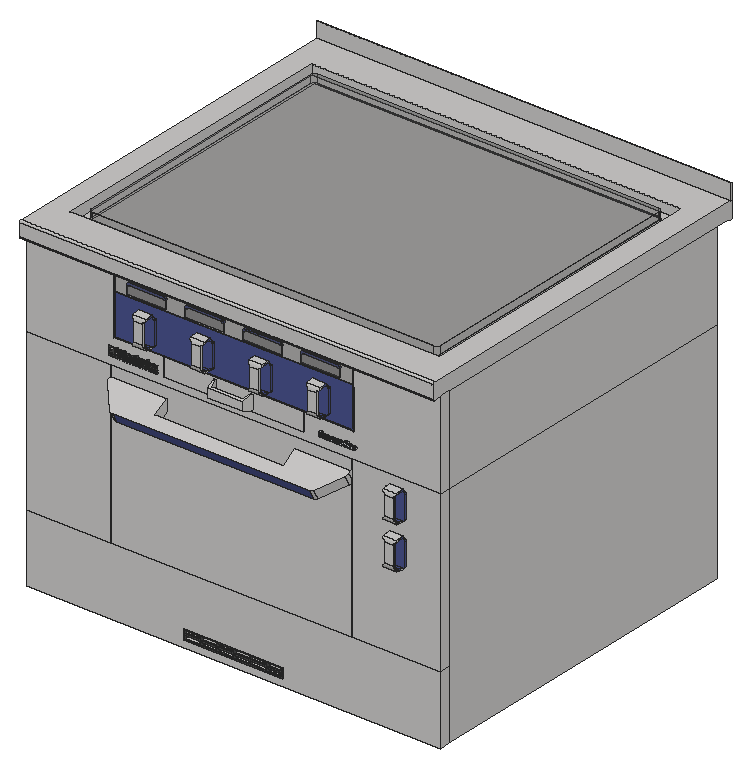
Revit family "QF_ELECTROLUXPROFESSIONAL_589659_MCLMFBJ8AO", category Attrezzature speciali, Revit 2020
Family settings
  Quota connettore circolare = Usa diametro
  Tipo di parte = Normale
  Basato su piano di lavoro = No
  Sempre verticale = Sì
  Taglio con vuoti quando caricato = No
  Condiviso = No
  Punto di calcolo locali = No
Parameters (values of type "Standard")
  Weight = 258.00 kg
  Watts = 21300 W
  Volts = 400 V
  URL Manufacturer = "https://www.electroluxprofessional.com/"
  URL = "https://www.electroluxprofessional.com/"
  Steam Supply Size = 0"
  Steam Supply Minimum Pressure = 0.00 psi
  Steam Supply Maximum Pressure = 0.00 psi
  Steam Consumption per Hour = 0
  Refrigeration Suction Line Size = 0 mm
  Refrigeration Liquid Line Size = 0 mm
  Refrigerant Compressor Remote = yes
  Prospetto di default = 0 mm
  Phase = 3
  Modello = "MCLMFBJ8AO"
  Produttore = "Electrolux Professional"
  Length Actual = 1000 mm  # constant formula
  Item Number = "589659"
  Hot Water Size = 0"
  Height Actual = 800 mm  # constant formula
  HP = "28.6 HP"
  Gas Size = 0"
  Gas KW = 0
  Gas Input Pressure = 0.0 Btu/h
  Direct Waste Size = 0"
  Descrizione = "EL.SOLID T,ECO,ST.OV,1S,BS,1000X900X800H"
  Depth Actual = 900 mm  # constant formula
  Cycle = 50 Hz
  Condensate Return Size = 0"
  Compressed Air Volume = 0 GPM
  Compressed Air Size = 0"
  Compressed Air Pressure = 0.00 psi
  Cold Water Size = 0"
  Accessory = yes
Reference planes
  plane 1 "BACK": y = 0
  plane 2: z = 0
  plane 3 "LEFT": x = -100
  plane 4 "RIGHT": x = 900
  plane 5 "FRONT": y = -900
  plane 6 "TOP": z = 900
  plane 7 "Center (Left/Right)": x = 400
  plane 8: y = -450
  plane 9: z = 100
  plane 10: y = -150
  plane 11 "Panel": y = -855
  plane 12: z = 798
  plane 13: z = 1327
  plane 14: x = -22
  plane 15: x = 822
  plane 16: y = -150
  plane 17: y = -650
  plane 18 "EIx": x = 855
  plane 19 "EIy": y = -685
  plane 20: y = -880
  plane 21: z = 938
Forms (mm)
  Extrusion 1, solid, material "QF_Finishes_Stainless Steel"
    sketch origin (-178.969, -4572, 100) x (-1, 0, 0) y (0, -1, 0)
      loop
        line (-78.969, -4527) -> (-78.969, -3717) -> (-1078.969, -3717) -> (-1078.969, -4527) -> (-78.969, -4527)
    from 550 to 762.969
  Extrusion 2, solid, material "QF_Finishes_Stainless Steel"
    sketch origin (-100, 0, -100) x (0, 1, 0) y (0, 0, 1)
      loop
        line (-855, 200) -> (-855, 365) -> (-880, 365) -> (-880, 200) -> (-855, 200)
    from 0 to 1000
  Extrusion 3, solid, material "QF_Finishes_Stainless Steel"
    sketch origin (-488.969, -4662, 100) x (-1, 0, 0) y (0, -1, 0)
      loop
        circle (-1343.969, -3977) r 6.35
    from 0 to -11.851
  Extrusion 4, solid, material "QF_Finishes_Stainless Steel"
    sketch origin (400, 296.4, 1219.2) x (0, 1, 0) y (0, 0, 1)
      loop
        line (-296.4, -319.2) -> (-1191.4, -319.2)
        arc (-1191.4, -319.2) -> (-1194.935, -320.664) -> (-1196.4, -324.2) r 5
        line (-1196.4, -324.2) -> (-1196.4, -355.2)
        arc (-1196.4, -355.2) -> (-1194.971, -358.264) -> (-1191.705, -359.139) r 4
        line (-1191.705, -359.139) -> (-1176.4, -356.231) -> (-316.4, -356.231) -> (-301.094, -359.139)
        arc (-301.094, -359.139) -> (-297.829, -358.264) -> (-296.4, -355.2) r 4
        line (-296.4, -355.2) -> (-296.4, -319.2)
    from -500 to 500
  Extrusion 5, solid, material "QF_Finishes_Electrolux_Black Smoke Iluminated"
    sketch origin (0, 0, 900) x (-1, 0, 0) y (0, -1, 0)
      loop
        arc (12, 109) -> (19.071, 111.929) -> (22, 119) r 10
        line (22, 119) -> (22, 780)
        arc (22, 780) -> (19.071, 787.071) -> (12, 790) r 10
        line (12, 790) -> (-812, 790)
        arc (-812, 790) -> (-819.071, 787.071) -> (-822, 780) r 10
        line (-822, 780) -> (-822, 119)
        arc (-822, 119) -> (-819.071, 111.929) -> (-812, 109) r 10
        line (-812, 109) -> (12, 109)
    from 0 to -20
  Extrusion 6, solid, material "QF_Finishes_Stainless Steel"
    sketch origin (-178.969, -4572, 100) x (-1, 0, 0) y (0, -1, 0)
      loop
        line (-78.969, -4527) -> (-78.969, -3717) -> (-1078.969, -3717) -> (-1078.969, -4527) -> (-78.969, -4527)
    from 550 to 0
  Extrusion 7, void
    sketch origin (0, -855, -100) x (-1, 0, 0) y (0, 0, 1)
      loop
        line (-520, 216.594) -> (-280, 216.594) -> (-280, 241.594) -> (-520, 241.594) -> (-520, 216.594)
    from 0 to -25
  Extrusion 8, solid, material "QF_Finishes_Black"
    sketch origin (0, -855, -100) x (-1, 0, 0) y (0, 0, 1)
      loop
        line (-280, 241.594) -> (-520, 241.594) -> (-520, 216.594) -> (-280, 216.594) -> (-280, 241.594)
      loop
        line (-282, 239.594) -> (-319.131, 239.594) -> (-319.131, 230.094) -> (-282, 230.094) -> (-282, 239.594)
      loop
        line (-282, 218.594) -> (-282, 228.094) -> (-319.131, 228.094) -> (-319.131, 218.594) -> (-282, 218.594)
      loop
        line (-321.131, 239.594) -> (-359.066, 239.594) -> (-359.066, 230.094) -> (-321.131, 230.094) -> (-321.131, 239.594)
      loop
        line (-399, 239.594) -> (-399, 230.094) -> (-361.066, 230.094) -> (-361.066, 239.594) -> (-399, 239.594)
      loop
        line (-401, 239.594) -> (-438.934, 239.594) -> (-438.934, 230.094) -> (-401, 230.094) -> (-401, 239.594)
      loop
        line (-359.066, 218.594) -> (-321.131, 218.594) -> (-321.131, 228.094) -> (-359.066, 228.094) -> (-359.066, 218.594)
      loop
        line (-361.066, 218.594) -> (-361.066, 228.094) -> (-399, 228.094) -> (-399, 218.594) -> (-361.066, 218.594)
      loop
        line (-401, 228.094) -> (-438.934, 228.094) -> (-438.934, 218.594) -> (-401, 218.594) -> (-401, 228.094)
      loop
        line (-518, 239.594) -> (-518, 230.094) -> (-480.869, 230.094) -> (-480.869, 239.594) -> (-518, 239.594)
      loop
        line (-518, 218.594) -> (-480.869, 218.594) -> (-480.869, 228.094) -> (-518, 228.094) -> (-518, 218.594)
      loop
        line (-478.869, 239.594) -> (-478.869, 230.094) -> (-440.934, 230.094) -> (-440.934, 239.594) -> (-478.869, 239.594)
      loop
        line (-440.934, 218.594) -> (-440.934, 228.094) -> (-478.869, 228.094) -> (-478.869, 218.594) -> (-440.934, 218.594)
    from -25.03 to -20
  Extrusion 9, void
    sketch origin (0, 0, 900) x (-1, 0, 0) y (0, -1, 0)
      loop
        line (47, 815) -> (-847, 815) -> (-847, 84) -> (47, 84) -> (47, 815)
    from 0 to -25
  Extrusion 10, solid, material "QF_Finishes_Stainless Steel"
    sketch origin (0, 0, 900) x (-1, 0, 0) y (0, -1, 0)
      loop
        line (18, 113) -> (18, 786) -> (-818, 786) -> (-818, 113) -> (18, 113)
    from -20 to -25
  Extrusion 11, solid, material "QF_Finishes_Stainless Steel"
    sketch origin (400, 296.4, 1219.2) x (0, 1, 0) y (0, 0, 1)
      loop
        line (-296.4, -319.2) -> (-296.4, -281.2) -> (-298.4, -281.2) -> (-298.4, -319.2) -> (-296.4, -319.2)
    from -500 to 500
Cuts and joins
  Extrusion 7 cuts Extrusion 6
  Extrusion 7 cuts Extrusion 2
  Extrusion 9 cuts Extrusion 4
Lines and regions (mm)
  symbolic lines
    curve 1: line (-100, 0, 100) -> (900, 0, 100)
    curve 2: line (-100, -900, 100) -> (-100, 0, 100)
    curve 3: line (900, -900, 100) -> (-100, -900, 100)
    curve 4: line (900, 0, 100) -> (900, -900, 100)
    curve 5: line (812, -109, 100) -> (-12, -109, 100)
    curve 6: line (-22, -119, 100) -> (-22, -780, 100)
    curve 7: line (-12, -790, 100) -> (812, -790, 100)
    curve 8: line (822, -780, 100) -> (822, -119, 100)
    curve 9: arc (-12, -109, 100) -> (-19.071, -111.929, 100) -> (-22, -119, 100) r 10
    curve 10: arc (822, -119, 100) -> (819.071, -111.929, 100) -> (812, -109, 100) r 10
    curve 11: arc (812, -790, 100) -> (819.071, -787.071, 100) -> (822, -780, 100) r 10
    curve 12: arc (-22, -780, 100) -> (-19.071, -787.071, 100) -> (-12, -790, 100) r 10
    curve 13: line (847, -84, 900) -> (-47, -84, 900)
    curve 14: line (-47, -84, 900) -> (-47, -815, 900)
    curve 15: line (847, -815, 900) -> (847, -84, 900)
    curve 16: line (-47, -815, 900) -> (847, -815, 900)
    curve 33: line (-100, -2, 900) -> (900, -2, 900)
  model lines, style "SpecialityEquipment"
    curve 17: arc (634, -211, 900) -> (580.967, -339.033, 900) -> (709, -286, 900) r 75
    curve 18: line (689, -286, 900) -> (729, -286, 900)
    curve 19: line (729, -286, 900) -> (709, -266, 900)
    curve 20: line (689, -286, 900) -> (709, -266, 900)
    curve 21: arc (166, -211, 900) -> (112.967, -339.033, 900) -> (241, -286, 900) r 75
    curve 22: line (221, -286, 900) -> (261, -286, 900)
    curve 23: line (261, -286, 900) -> (241, -266, 900)
    curve 24: line (221, -286, 900) -> (241, -266, 900)
    curve 25: arc (634, -539, 900) -> (580.967, -667.033, 900) -> (709, -614, 900) r 75
    curve 26: line (689, -614, 900) -> (729, -614, 900)
    curve 27: line (729, -614, 900) -> (709, -594, 900)
    curve 28: line (689, -614, 900) -> (709, -594, 900)
    curve 29: arc (166, -539, 900) -> (112.967, -667.033, 900) -> (241, -614, 900) r 75
    curve 30: line (221, -614, 900) -> (261, -614, 900)
    curve 31: line (261, -614, 900) -> (241, -594, 900)
    curve 32: line (221, -614, 900) -> (241, -594, 900)
Dimensions and locks
  plane 3 "LEFT" to plane 4 "RIGHT" = 1000 mm
  plane 5 "FRONT" to plane 1 "BACK" = 900 mm
  plane 3 "LEFT" to plane 7 "Center (Left/Right)" to plane 4 "RIGHT" = 500 mm, 500 mm
  equal spacing: plane 5 "FRONT", plane 8, plane 1 "BACK"
  plane 6 "TOP" to level = 900 mm  (x2)
  plane 9 to level = 100 mm
  plane 1 "BACK" to plane 10 to plane 11 "Panel" = 150 mm, 705 mm  (x2)
  plane 6 "TOP" to plane 9 to level = 800 mm, 100 mm
  plane 1 "BACK" to plane 5 "FRONT" = 900 mm
  plane 1 "BACK" to Extrusion 3 = 685 mm
  plane 12 to plane 9 = 698 mm
  plane 13 to plane 6 "TOP" = 427 mm
  plane 6 "TOP" to plane 12 = 102 mm
  plane 14 to plane 3 "LEFT" = 78 mm
  plane 15 to plane 4 "RIGHT" = 78 mm
  locked: plane 1 "BACK" to plane 16 at 150
  locked: plane 16 to plane 17 at 500
  plane 11 "Panel" to plane 5 "FRONT" = 45 mm
  plane 18 "EIx" to plane 4 "RIGHT" = 45 mm
  plane 19 "EIy" to plane 1 "BACK" = 685 mm
  locked: plane 11 "Panel" to plane 20 at 25
  plane 21 to plane 6 "TOP" = 38 mm
  aligned and locked: level to plane 2
  aligned and locked: Extrusion 2 to plane 4 "RIGHT"
  aligned and locked: cut or joined group of Extrusion 4, Extrusion 9 to plane 3 "LEFT"
  aligned and locked: cut or joined group of Extrusion 4, Extrusion 9 to plane 4 "RIGHT"
  aligned and locked: cut or joined group of Extrusion 6, Extrusion 7 to plane 4 "RIGHT"
  aligned and locked: cut or joined group of Extrusion 6, Extrusion 7 to plane 3 "LEFT"
  aligned and locked: nested 1 to plane 11 "Panel"
  aligned and locked: nested 4 to plane 11 "Panel"
  aligned and locked: Extrusion 1 to plane 11 "Panel"
  aligned and locked: plane 11 "Panel" to cut or joined group of Extrusion 2, Extrusion 7
  aligned and locked: nested 2 to plane 20
  aligned and locked: nested 3 to plane 20
  aligned and locked: Extrusion 1 to plane 3 "LEFT"
  aligned and locked: Extrusion 1 to plane 4 "RIGHT"
  aligned and locked: plane 3 "LEFT" to nested 1
  aligned and locked: Extrusion 11 to plane 3 "LEFT"
  aligned and locked: Extrusion 11 to plane 4 "RIGHT"
  aligned and locked: cut or joined group of Extrusion 2, Extrusion 7 to nested 1
  aligned and locked: Extrusion 1 to cut or joined group of Extrusion 4, Extrusion 9
  aligned and locked: cut or joined group of Extrusion 6, Extrusion 7 to nested 4
  aligned and locked: Extrusion 1 to cut or joined group of Extrusion 6, Extrusion 7
Automatic sketch dimensions
  Extrusion 1 sketch curve to plane 4 "RIGHT" = 0 mm
  Extrusion 1 sketch curve to plane 3 "LEFT" = 0 mm
  Extrusion 1 sketch curve to plane 11 "Panel" = 0 mm
  plane 1 "BACK" to Extrusion 1 sketch curve = 45 mm
  Extrusion 2 sketch curve to plane 9 = 0 mm
  Extrusion 2 sketch curve to plane 20 = 0 mm
  Extrusion 2 sketch curve to plane 11 "Panel" = 0 mm
  plane 9 to Extrusion 2 sketch curve = 165 mm
  plane 1 "BACK" to curve 1 = 0 mm
  curve 1 to plane 4 "RIGHT" = 0 mm
  curve 8 to plane 15 = 0 mm
  curve 6 to plane 14 = 0 mm
  curve 2 to plane 3 "LEFT" = 0 mm
  plane 5 "FRONT" to curve 3 = 0 mm
  plane 15 to curve 5 = 10 mm
  plane 15 to curve 11 = 10 mm
  curve 5 to plane 14 = 10 mm
  curve 12 to curve 12 = 10 mm
  plane 10 to curve 5 = 41 mm
  plane 11 "Panel" to curve 11 = 75 mm
  Extrusion 3 sketch curve to plane 18 "EIx" = 0 mm
  Extrusion 3 sketch curve to plane 19 "EIy" = 0 mm
  Extrusion 4 sketch curve to plane 5 "FRONT" = 0 mm
  Extrusion 4 sketch curve to plane 6 "TOP" = 0 mm
  Extrusion 4 sketch curve to plane 20 = 0 mm
  Extrusion 4 sketch curve to plane 1 "BACK" = 0 mm
  Extrusion 4 sketch curve to Extrusion 4 sketch curve = 4 mm
  Extrusion 4 sketch curve to Extrusion 4 sketch curve = 0.695 mm
  Extrusion 4 sketch curve to plane 5 "FRONT" = 5 mm
  plane 1 "BACK" to Extrusion 4 sketch curve = 20 mm
  plane 1 "BACK" to Extrusion 4 sketch curve = 4.695 mm
  plane 1 "BACK" to Extrusion 4 sketch curve = 4 mm
  Extrusion 4 sketch curve to Extrusion 4 sketch curve = 31 mm
  Extrusion 4 sketch curve to Extrusion 4 sketch curve = 36 mm
  Extrusion 4 sketch curve to Extrusion 4 sketch curve = 2.909 mm
  Extrusion 5 sketch curve to plane 15 = 0 mm
  Extrusion 5 sketch curve to plane 14 = 0 mm
  plane 15 to Extrusion 5 sketch curve = 10 mm  (x2)
  Extrusion 5 sketch curve to Extrusion 5 sketch curve = 10 mm  (x2)
  plane 10 to Extrusion 5 sketch curve = 41 mm
  plane 11 "Panel" to Extrusion 5 sketch curve = 75 mm
  Extrusion 6 sketch curve to plane 4 "RIGHT" = 0 mm
  Extrusion 6 sketch curve to plane 3 "LEFT" = 0 mm
  Extrusion 6 sketch curve to plane 11 "Panel" = 0 mm
  plane 1 "BACK" to Extrusion 6 sketch curve = 45 mm
  plane 9 to Extrusion 7 sketch curve = 41.594 mm
  plane 7 "Center (Left/Right)" to Extrusion 7 sketch curve = 120 mm
  Extrusion 7 sketch curve to plane 7 "Center (Left/Right)" = 120 mm
  plane 9 to Extrusion 7 sketch curve = 16.594 mm
  plane 9 to Extrusion 8 sketch curve = 41.594 mm
  plane 7 "Center (Left/Right)" to Extrusion 8 sketch curve = 120 mm
  Extrusion 8 sketch curve to Extrusion 8 sketch curve = 2 mm  (x15)
  Extrusion 8 sketch curve to Extrusion 8 sketch curve = 0 mm  (x16)
  Extrusion 8 sketch curve to Extrusion 8 sketch curve = 37.131 mm  (x2)
  Extrusion 8 sketch curve to Extrusion 8 sketch curve = 37.934 mm  (x3)
  plane 7 "Center (Left/Right)" to Extrusion 8 sketch curve = 1 mm  (x2)
  Extrusion 8 sketch curve to plane 7 "Center (Left/Right)" = 1 mm  (x2)
  plane 9 to Extrusion 8 sketch curve = 18.594 mm  (x4)
  Extrusion 8 sketch curve to Extrusion 8 sketch curve = 9.5 mm  (x6)
  plane 18 "EIx" to Extrusion 9 sketch curve = 8 mm
  plane 14 to Extrusion 9 sketch curve = 25 mm
  plane 10 to Extrusion 9 sketch curve = 66 mm
  plane 11 "Panel" to Extrusion 9 sketch curve = 40 mm
  plane 15 to Extrusion 10 sketch curve = 4 mm
  Extrusion 10 sketch curve to plane 14 = 4 mm
  plane 10 to Extrusion 10 sketch curve = 37 mm
  plane 11 "Panel" to Extrusion 10 sketch curve = 69 mm
  curve 33 to plane 4 "RIGHT" = 0 mm
  curve 33 to plane 3 "LEFT" = 0 mm
  plane 18 "EIx" to curve 13 = 8 mm
  curve 27 to plane 17 = 36 mm
  plane 15 to curve 27 = 93 mm
  plane 15 to curve 18 = 93 mm
  curve 18 to curve 20 = 20 mm
  curve 26 to curve 27 = 20 mm
  curve 19 to curve 18 = 20 mm
  curve 28 to curve 26 = 20 mm
  curve 26 to curve 25 = 55 mm
  curve 18 to curve 17 = 55 mm
  curve 23 to plane 7 "Center (Left/Right)" = 139 mm
  curve 31 to plane 17 = 36 mm
  curve 31 to plane 7 "Center (Left/Right)" = 139 mm
  curve 30 to curve 31 = 20 mm
  curve 22 to curve 23 = 20 mm
  curve 32 to curve 32 = 20 mm
  curve 23 to curve 22 = 20 mm
  curve 30 to curve 29 = 55 mm
  curve 22 to curve 21 = 55 mm
  plane 14 to curve 13 = 25 mm
  curve 24 to plane 10 = 136 mm
  curve 18 to plane 10 = 136 mm
  plane 10 to curve 15 = 66 mm
  plane 11 "Panel" to curve 16 = 40 mm
  curve 17 to curve 18 = 20 mm
  curve 25 to curve 26 = 20 mm
  curve 21 to curve 22 = 20 mm
  curve 29 to curve 30 = 20 mm
  plane 1 "BACK" to curve 33 = 2 mm
  Extrusion 11 sketch curve to plane 6 "TOP" = 0 mm
  Extrusion 11 sketch curve to plane 21 = 0 mm
  Extrusion 11 sketch curve to plane 1 "BACK" = 0 mm
  plane 1 "BACK" to Extrusion 11 sketch curve = 2 mm
  radius of Extrusion 3 sketch curve = 6.35 mm
Nested families
  nested 1: "Door_Panel_W1000_A" at (400, -855, 0), type "Door_Panel_W1000_A"
  nested 2: "FIT Range Control Handle" at (795, -883.137, -372.751), type "FIT Range Control Handle"
  nested 3: "FIT Range Control Handle" at (795, -883.137, -474.751), type "FIT Range Control Handle"
  nested 4: "Front_Panel_W1000_Four Knobs" at (102.376, -855, 0), type "Front_Panel_W1000_Four Knobs"
Connectors
  electrical at (855, -685, 88.149)
    settings: on Extrusion 3, index 1, voltage 400 V, apparent load 33000 VA, apparent load phase1 0 VA, apparent load phase2 0 VA, apparent load phase3 0 VA, power factor 1, load classification "Other", number of poles 1, system type 30, power factor state 1, is connector primary yes, connector utility no, sub classification motor no, connector description "ELECTRICAL CONNECTION"
Definition of nested family "Door_Panel_W1000_A"
  Parameters
    Default Elevation = 0 mm
  Reference planes
    plane 1 "Center (Front/Back)": y = 0
    plane 2 "Ref. Level": z = 0
    plane 3: x = 500
    plane 4: x = -500
    plane 5 "Center (Left/Right)": x = 0
    plane 6: x = -295
    plane 7: x = 285
    plane 8 "Manopola": through (-6096, -50.059, 612.389) normal (0, -0.515, 0.8572)
    plane 9 "Top": z = 650
    plane 10: z = 265
    plane 11: z = 200
  Forms (mm)
    Extrusion 1, solid
      sketch origin (0, 0, 0) x (0, 1, 0) y (0, 0, 1)
        loop
          line (-25.03, 650) -> (-25.03, 265) -> (0, 265) -> (0, 650) -> (-25.03, 650)
      from 285 to 500
    Extrusion 2, solid
      sketch origin (0, 0, 0) x (0, 1, 0) y (0, 0, 1)
        loop
          line (-25.03, 650) -> (-25.03, 265) -> (0, 265) -> (0, 650) -> (-25.03, 650)
      from -500 to -295
    Extrusion 3, solid
      sketch origin (0, 0, 0) x (0, 1, 0) y (0, 0, 1)
        loop
          line (-25.03, 650) -> (-25.03, 265) -> (0, 265) -> (0, 650) -> (-25.03, 650)
      from -295 to 285
    Extrusion 4, solid
      sketch origin (0, -283.633, 472.044) x (0, 0.857167, 0.515038) y (-1, 0, 0)
        loop
          line (299.12, -285) -> (299.12, 295) -> (290.982, 295)
          arc (290.982, 295) -> (286.677, 294.026) -> (283.211, 291.293) r 10
          line (283.211, 291.293) -> (233.28, 250.86)
          arc (233.28, 250.86) -> (230.548, 247.394) -> (229.574, 243.089) r 10
          line (229.574, 243.089) -> (229.574, -233.089)
          arc (229.574, -233.089) -> (230.548, -237.394) -> (233.28, -240.86) r 10
          line (233.28, -240.86) -> (283.211, -281.293)
          arc (283.211, -281.293) -> (286.677, -284.026) -> (290.982, -285) r 10
          line (290.982, -285) -> (299.12, -285)
      from -27 to 0
    Extrusion 5, void
      sketch origin (0, 0, 0) x (0, 1, 0) y (0, 0, 1)
        loop
          line (-61.514, 605.507) -> (-47.608, 582.363) -> (-25.03, 595.93) -> (-25.03, 627.429) -> (-61.514, 605.507)
      from -160 to 150
    Extrusion 6, solid, detail levels coarse
      sketch origin (0, 0, 0) x (0, 1, 0) y (0, 0, 1)
        loop
          line (-25.03, 265) -> (-25.03, 650)
          arc (-25.03, 650) -> (-297.266, 537.236) -> (-410.03, 265) r 385
          line (-410.03, 265) -> (-25.03, 265)
      from -295 to 285
  Cuts and joins
    Extrusion 5 cuts Extrusion 4
    joined: Extrusion 3, Extrusion 4
  Lines and regions (mm)
    symbolic lines
      curve 1: line (-287.355, -45.043, 0) -> (-250.86, -83.673, 0)
      curve 2: line (-243.089, -86.85, 0) -> (233.089, -86.85, 0)
      curve 3: line (240.86, -83.673, 0) -> (277.355, -45.043, 0)
      curve 4: arc (-243.089, -86.85, 0) -> (-247.318, -86.101, 0) -> (-250.86, -83.673, 0) r 10.165
      curve 5: arc (233.089, -86.85, 0) -> (237.318, -86.101, 0) -> (240.86, -83.673, 0) r 10.165
      curve 6: line (-295, -45.043, 0) -> (-295, -410.03, 0)
      curve 7: line (-295, -410.03, 0) -> (285, -410.03, 0)
      curve 8: line (285, -410.03, 0) -> (285, -45.03, 0)
  Dimensions and locks
    plane 3 to plane 4 = 1000 mm
    plane 4 to plane 3 = 1000 mm
    equal spacing: plane 3, plane 5 "Center (Left/Right)", plane 4
    plane 6 to plane 4 = 205 mm
    plane 3 to plane 7 = 215 mm
    plane 11 to level = 200 mm
    plane 10 to plane 11 = 65 mm
    plane 10 to plane 9 "Top" = 385 mm
    plane 9 "Top" to plane 11 = 450 mm
    aligned and locked: plane 3 to Extrusion 1
    aligned and locked: cut or joined group of Extrusion 3, Extrusion 4, Extrusion 5 to plane 6
    aligned and locked: cut or joined group of Extrusion 3, Extrusion 4, Extrusion 5 to plane 7
    aligned and locked: plane 7 to Extrusion 1
    aligned and locked: plane 6 to Extrusion 2
    aligned and locked: Extrusion 2 to plane 4
    aligned and locked: plane 10 to Extrusion 2
    aligned and locked: plane 10 to cut or joined group of Extrusion 3, Extrusion 4, Extrusion 5
    aligned and locked: plane 10 to Extrusion 1
    aligned and locked: Extrusion 6 to plane 6
    aligned and locked: Extrusion 6 to plane 7
  Automatic sketch dimensions
    Extrusion 5 sketch curve to plane 8 "Manopola" = 0 mm  (x2)
    plane 1 "Center (Front/Back)" to Extrusion 5 sketch curve = 61.514 mm
    Extrusion 5 sketch curve to Extrusion 5 sketch curve = 13.906 mm
    plane 1 "Center (Front/Back)" to Extrusion 5 sketch curve = 25.03 mm
    Extrusion 4 sketch curve to plane 7 = 0 mm
    Extrusion 4 sketch curve to plane 6 = 0 mm
    plane 6 to Extrusion 4 sketch curve = 51.911 mm
    plane 7 to Extrusion 4 sketch curve = 44.14 mm
    Extrusion 4 sketch curve to Extrusion 4 sketch curve = 3.707 mm  (x2)
    plane 6 to Extrusion 4 sketch curve = 44.14 mm
    plane 7 to Extrusion 4 sketch curve = 3.707 mm
    Extrusion 4 sketch curve to Extrusion 4 sketch curve = 49.93 mm  (x2)
    plane 6 to Extrusion 4 sketch curve = 3.707 mm
    Extrusion 4 sketch curve to Extrusion 4 sketch curve = 7.771 mm  (x3)
    Extrusion 4 sketch curve to Extrusion 4 sketch curve = 8.138 mm
    Extrusion 2 sketch curve to plane 1 "Center (Front/Back)" = 0 mm
    Extrusion 3 sketch curve to plane 1 "Center (Front/Back)" = 0 mm
    Extrusion 1 sketch curve to plane 1 "Center (Front/Back)" = 0 mm
    Extrusion 2 sketch curve to plane 9 "Top" = 0 mm
    Extrusion 2 sketch curve to Extrusion 2 sketch curve = 25.03 mm
    Extrusion 3 sketch curve to plane 9 "Top" = 0 mm
    Extrusion 3 sketch curve to Extrusion 3 sketch curve = 25.03 mm
    Extrusion 1 sketch curve to plane 9 "Top" = 0 mm
    plane 1 "Center (Front/Back)" to Extrusion 1 sketch curve = 25.03 mm
    level to Extrusion 1 sketch curve = 265 mm
    level to Extrusion 2 sketch curve = 265 mm
    level to Extrusion 3 sketch curve = 265 mm
    plane 10 to Extrusion 6 sketch curve = 0 mm
    Extrusion 6 sketch curve to plane 9 "Top" = 0 mm
    plane 1 "Center (Front/Back)" to Extrusion 6 sketch curve = 25.03 mm
    curve 7 to plane 7 = 0 mm
    plane 6 to curve 1 = 44.14 mm
    curve 4 to curve 4 = 7.389 mm
    curve 4 to curve 2 = 7.771 mm
    plane 7 to curve 2 = 51.911 mm
    curve 2 to curve 5 = 0.382 mm
    curve 2 to curve 3 = 7.771 mm
    plane 1 "Center (Front/Back)" to curve 6 = 410.03 mm
    plane 1 "Center (Front/Back)" to curve 2 = 86.85 mm
    curve 2 to curve 3 = 3.177 mm
    curve 2 to curve 1 = 3.177 mm
    plane 7 to curve 3 = 7.645 mm
    plane 1 "Center (Front/Back)" to curve 3 = 45.043 mm
    curve 3 to curve 8 = 0.013 mm
    curve 7 to plane 6 = 0 mm
    curve 6 to curve 1 = 7.645 mm
    plane 1 "Center (Front/Back)" to curve 1 = 45.043 mm
    curve 6 to curve 1 = 0 mm
Definition of nested family "FIT Range Control Handle"
  Parameters
    Default Elevation = 0 mm
  Reference planes
    plane 1 "Center (Front/Back)": y = 0
    plane 2: z = 0
    plane 3 "Center (Left/Right)": x = 0
    plane 4: z = 971.092
    plane 5: y = -16.8
  Forms (mm)
    Extrusion 1, solid
      sketch origin (-746.28, 380.497, 208.931) x (-1, 0, 0) y (0, 0, 1)
        loop
          line (-770.101, 786.798) -> (-770.101, 731.649)
          arc (-770.101, 731.649) -> (-769.759, 730.563) -> (-768.855, 729.87) r 1.893
          line (-768.855, 729.87) -> (-763.474, 727.911) -> (-729.81, 727.911) -> (-724.428, 729.87)
          arc (-724.428, 729.87) -> (-723.525, 730.563) -> (-723.183, 731.649) r 1.893
          line (-723.183, 731.649) -> (-723.183, 786.798)
          arc (-723.183, 786.798) -> (-723.529, 787.894) -> (-724.44, 788.593) r 1.91
          line (-724.44, 788.593) -> (-729.683, 790.819) -> (-763.601, 790.819) -> (-768.844, 788.593)
          arc (-768.844, 788.593) -> (-769.755, 787.894) -> (-770.101, 786.798) r 1.91
      from -382.35 to -378.852
    Sweep 2, solid
      path origin (-746.788, 380.496, 208.091) x (0, -1, 0) y (0, 0, 1)
        loop
          line (379.775, 793.281) -> (395.661, 791.048)
          arc (395.661, 791.048) -> (397.781, 787.377) -> (398.517, 783.202) r 12.207
          line (398.517, 783.202) -> (398.517, 737.368)
          arc (398.517, 737.368) -> (397.781, 733.193) -> (395.661, 729.522) r 12.207
          line (395.661, 729.522) -> (379.775, 727.289)
      profile origin (-746.788, -7.222, 1000.256) x (0, -0.139173, 0.990268) y (-1, 0, 0)
        loop
          line (0.782, -763.123) -> (0.782, -730.907) -> (-1.322, -730.907) -> (-1.322, -763.123) -> (0.782, -763.123)
    Sweep 3, solid
      path origin (-746.788, 380.715, 207.832) x (0, -1, 0) y (0, 0, 1)
        loop
          line (380.478, 795.442) -> (397.218, 793.09)
          arc (397.218, 793.09) -> (399.929, 788.473) -> (400.871, 783.202) r 15.207
          line (400.871, 783.202) -> (400.871, 737.584)
          arc (400.871, 737.584) -> (399.914, 732.274) -> (397.164, 727.633) r 15.207
          line (397.164, 727.633) -> (380.601, 725.305)
      profile origin (-746.788, -8.132, 1002.099) x (0, -0.139173, 0.990268) y (-1, 0, 0)
        loop
          line (0.782, -763.123) -> (0.782, -730.907) -> (-1.322, -730.907) -> (-1.322, -763.123) -> (0.782, -763.123)
    Extrusion 4, void
      sketch origin (889.253, 220.666, 207.993) x (1, 0, 0) y (0, 0, 1)
        loop
          line (-943.038, 816.854) -> (-943.038, 703.686) -> (-899.466, 734.196) -> (-899.466, 786.344) -> (-943.038, 816.854)
      from 230.636 to 242.25
    Extrusion 5, void
      sketch origin (-888.8, 220.666, 207.993) x (-1, 0, 0) y (0, 0, -1)
        loop
          line (-943.038, -816.854) -> (-899.466, -786.344) -> (-899.466, -734.196) -> (-943.038, -703.686) -> (-943.038, -816.854)
      from 230.636 to 242.25
    Extrusion 6, solid
      sketch origin (0, 0, 0) x (1, 0, 0) y (0, 0, 1)
        loop
          circle (0, 971.092) r 7.736
      from -3.137 to -1.645
  Cuts and joins
    Extrusion 4, Extrusion 5 cuts Sweep 3
    Extrusion 4, Extrusion 5 cuts Sweep 2
    joined: Extrusion 1, Extrusion 6
  Lines and regions (mm)
    symbolic lines
      curve 1: line (-15.881, -19.189, 0) -> (-15.881, -16.8, 0)
      curve 2: line (16.334, -19.189, 0) -> (16.334, -16.8, 0)
      curve 3: spline (-15.881, -19.189, 0) -> (-15.417, -19.349, 0) -> (-14.951, -19.501, 0) -> (-14.483, -19.646, 0) -> (-14.014, -19.783, 0) -> (-13.543, -19.912, 0) -> (-13.071, -20.033, 0) -> (-12.597, -20.146, 0) -> (-12.122, -20.251, 0) -> (-11.646, -20.349, 0) -> (-11.169, -20.438, 0) -> (-10.691, -20.52, 0) -> (-10.213, -20.593, 0)
      curve 4: spline (10.666, -20.593, 0) -> (11.144, -20.52, 0) -> (11.622, -20.438, 0) -> (12.099, -20.349, 0) -> (12.575, -20.251, 0) -> (13.05, -20.146, 0) -> (13.524, -20.033, 0) -> (13.996, -19.912, 0) -> (14.467, -19.783, 0) -> (14.936, -19.646, 0) -> (15.404, -19.501, 0) -> (15.87, -19.349, 0) -> (16.334, -19.189, 0)
      curve 5: line (-10.213, -20.938, 0) -> (10.716, -20.938, 0)
  Dimensions and locks
    cut or joined group of Sweep 3, Extrusion 4, Extrusion 5 to cut or joined group of Sweep 3, Extrusion 4, Extrusion 5 = 71.686 mm
Definition of nested family "Front_Panel_W1000_Four Knobs"
  Parameters
    Default Elevation = 0 mm
  Reference planes
    plane 1 "Center (Front/Back)": y = 0
    plane 2: z = 0
    plane 3 "Center (Left/Right)": x = 297.624
    plane 4 "Left": x = -202.376
    plane 5 "Right": x = 797.624
    plane 6: y = -45
    plane 7: x = 87.624
    plane 8: x = 227.624
    plane 9: y = -310
    plane 10: y = -25
    plane 11: x = -2.376
    plane 12: x = 367.624
    plane 13: x = 507.624
    plane 14: x = 594.715
  Forms (mm)
    Extrusion 1, solid
      sketch origin (833.217, 829.203, -1.25) x (0, 1, 0) y (0, 0, 1)
        loop
          line (-854.203, 651.25) -> (-829.203, 651.25) -> (-829.203, 864.25) -> (-854.203, 864.25) -> (-854.203, 651.25)
      from -1035.593 to -35.593
    Extrusion 2, void
      sketch origin (0, 0, 0) x (1, 0, 0) y (0, 0, 1)
        loop
          line (7.624, 853.866) -> (7.624, 711.866) -> (587.624, 711.866) -> (587.624, 853.866) -> (7.624, 853.866)
      from 19.387 to 33.951
    Extrusion 3, void
      sketch origin (0, 0, 0) x (1, 0, 0) y (0, 0, 1)
        loop
          line (128.624, 711.866) -> (128.624, 668.866) -> (466.624, 668.866) -> (466.624, 711.866) -> (128.624, 711.866)
      from 19.387 to 25
    Extrusion 4, solid
      sketch origin (150, 0, 1) x (1, 0, 0) y (0, 0, 1)
        loop
          line (-21.376, 710.866) -> (-21.376, 667.866) -> (316.624, 667.866) -> (316.624, 710.866) -> (-21.376, 710.866)
      from 19.387 to 25
    Extrusion 5, solid
      sketch origin (150, 0, 1) x (1, 0, 0) y (0, 1, 0)
        loop
          line (106.059, -25) -> (100.966, -25) -> (105.646, -49.075) -> (189.603, -49.075) -> (194.283, -25) -> (189.189, -25) -> (185.481, -44.075) -> (109.767, -44.075) -> (106.059, -25)
      from 672.593 to 705.67
    Extrusion 6, void
      sketch origin (297.624, 0, 1) x (0, 1, 0) y (0, 0, 1)
        loop
          line (-30, 705.67) -> (-30, 710.67) -> (-56.744, 710.67) -> (-56.744, 667.593) -> (-30, 667.593) -> (-30, 672.593) -> (-53.776, 680.318) -> (-53.776, 697.945) -> (-30, 705.67)
      from -50 to 50
    Extrusion 7, solid, detail levels coarse
      sketch origin (150, -265, 1) x (1, 0, 0) y (0, 1, 0)
        loop
          line (106.164, -71.744) -> (189.084, -71.744) -> (194.283, -45) -> (316.624, -45) -> (316.624, 240) -> (-21.376, 240) -> (-21.376, -45) -> (100.966, -45) -> (106.164, -71.744)
      from 672.593 to 705.67
    Extrusion 8, void
      sketch origin (297.624, -280, 1) x (0, 1, 0) y (0, 0, 1)
        loop
          line (-30, 705.67) -> (-30, 710.67) -> (-56.744, 710.67) -> (-56.744, 667.593) -> (-30, 667.593) -> (-30, 672.593) -> (-53.776, 680.318) -> (-53.776, 697.945) -> (-30, 705.67)
      from -50 to 50
  Cuts and joins
    Extrusion 2, Extrusion 3 cuts Extrusion 1
    Extrusion 6 cuts Extrusion 5
    Extrusion 6, Extrusion 8 cuts Extrusion 7
  Lines and regions (mm)
    symbolic lines
      curve 1: line (128.624, -45, 0) -> (128.624, -310, 0)
      curve 2: line (128.624, -310, 0) -> (466.624, -310, 0)
      curve 3: line (466.624, -310, 0) -> (466.624, -45, 0)
      curve 4: line (128.624, -300, 0) -> (466.624, -300, 0)
      curve 5: line (250.908, -309.701, 0) -> (255.587, -333.776, 0)
      curve 6: line (255.587, -333.776, 0) -> (339.545, -333.776, 0)
      curve 7: line (339.545, -333.776, 0) -> (344.225, -309.701, 0)
      curve 8: line (256.001, -309.701, 0) -> (259.709, -328.776, 0)
      curve 9: line (259.709, -328.776, 0) -> (335.423, -328.776, 0)
      curve 10: line (335.423, -328.776, 0) -> (339.131, -309.701, 0)
  Dimensions and locks
    equal spacing: plane 5 "Right", plane 3 "Center (Left/Right)", plane 4 "Left"
    plane 5 "Right" to plane 4 "Left" = 1000 mm
    plane 3 "Center (Left/Right)" to plane 7 = 210 mm
    plane 3 "Center (Left/Right)" to plane 8 = 70 mm
    plane 6 to plane 9 = 265 mm
    plane 13 to plane 3 "Center (Left/Right)" = 210 mm
    plane 12 to plane 3 "Center (Left/Right)" = 70 mm
    aligned and locked: cut or joined group of Extrusion 1, Extrusion 2, Extrusion 3 to plane 4 "Left"
    aligned and locked: plane 5 "Right" to cut or joined group of Extrusion 1, Extrusion 2, Extrusion 3
    aligned and locked: plane 3 "Center (Left/Right)" to nested 2
    aligned and locked: cut or joined group of Extrusion 1, Extrusion 2, Extrusion 3 to nested 2
  Automatic sketch dimensions
    plane 7 to Extrusion 3 sketch curve = 41 mm
    plane 3 "Center (Left/Right)" to Extrusion 3 sketch curve = 169 mm
    level to Extrusion 3 sketch curve = 668.866 mm
    Extrusion 3 sketch curve to Extrusion 3 sketch curve = 43 mm
    Extrusion 1 sketch curve to plane 1 "Center (Front/Back)" = 0 mm
    level to Extrusion 1 sketch curve = 650 mm
    plane 4 "Left" to Extrusion 2 sketch curve = 210 mm
    Extrusion 2 sketch curve to plane 5 "Right" = 210 mm
    level to Extrusion 2 sketch curve = 711.866 mm
    Extrusion 2 sketch curve to Extrusion 2 sketch curve = 142 mm
    plane 6 to curve 1 = 0 mm
    plane 6 to curve 3 = 0 mm
    plane 9 to curve 1 = 0 mm
    plane 7 to curve 1 = 41 mm
    curve 1 to curve 4 = 10 mm
    Extrusion 1 sketch curve to plane 6 = 20 mm
    Extrusion 1 sketch curve to Extrusion 1 sketch curve = 213 mm
    plane 7 to Extrusion 4 sketch curve = 41 mm
    Extrusion 4 sketch curve to plane 13 = 41 mm
    level to Extrusion 4 sketch curve = 668.866 mm
    Extrusion 4 sketch curve to Extrusion 4 sketch curve = 43 mm
    plane 10 to Extrusion 5 sketch curve = 0 mm  (x2)
    plane 8 to Extrusion 5 sketch curve = 23.342 mm
    plane 6 to Extrusion 5 sketch curve = 4.075 mm
    Extrusion 5 sketch curve to Extrusion 5 sketch curve = 4.68 mm
    Extrusion 5 sketch curve to Extrusion 5 sketch curve = 5.094 mm  (x2)
    Extrusion 5 sketch curve to plane 6 = 0.925 mm
    Extrusion 5 sketch curve to Extrusion 5 sketch curve = 4.122 mm  (x2)
    Extrusion 5 sketch curve to plane 12 = 32.143 mm
    Extrusion 5 sketch curve to Extrusion 5 sketch curve = 3.708 mm
    plane 6 to Extrusion 6 sketch curve = 11.744 mm
    plane 6 to Extrusion 6 sketch curve = 8.776 mm
    plane 10 to Extrusion 6 sketch curve = 5 mm  (x2)
    level to Extrusion 6 sketch curve = 668.593 mm
    Extrusion 6 sketch curve to Extrusion 6 sketch curve = 5 mm
    Extrusion 6 sketch curve to Extrusion 6 sketch curve = 12.725 mm  (x2)
    Extrusion 6 sketch curve to Extrusion 6 sketch curve = 17.627 mm
    Extrusion 6 sketch curve to Extrusion 6 sketch curve = 7.725 mm
    plane 10 to Extrusion 7 sketch curve = 0 mm
    Extrusion 7 sketch curve to plane 9 = 0 mm  (x2)
    plane 7 to Extrusion 7 sketch curve = 41 mm
    plane 8 to Extrusion 7 sketch curve = 23.342 mm
    Extrusion 7 sketch curve to Extrusion 7 sketch curve = 5.199 mm
    Extrusion 7 sketch curve to plane 12 = 28.54 mm
    Extrusion 7 sketch curve to plane 12 = 23.342 mm
    Extrusion 7 sketch curve to plane 13 = 41 mm
    Extrusion 7 sketch curve to plane 9 = 26.744 mm
    Extrusion 8 sketch curve to plane 9 = 0 mm  (x2)
    Extrusion 8 sketch curve to plane 9 = 23.776 mm
    Extrusion 8 sketch curve to Extrusion 8 sketch curve = 2.968 mm
    level to Extrusion 8 sketch curve = 668.593 mm
    Extrusion 8 sketch curve to Extrusion 8 sketch curve = 5 mm
    Extrusion 8 sketch curve to Extrusion 8 sketch curve = 12.725 mm  (x2)
    Extrusion 8 sketch curve to Extrusion 8 sketch curve = 17.627 mm
    Extrusion 8 sketch curve to Extrusion 8 sketch curve = 7.725 mm
    curve 3 to plane 13 = 41 mm
    plane 9 to curve 5 = 0.299 mm
    plane 8 to curve 5 = 23.283 mm
    curve 5 to curve 5 = 4.68 mm
    plane 9 to curve 8 = 0.299 mm
    curve 5 to curve 8 = 5.094 mm
    curve 5 to curve 9 = 4.122 mm
    curve 9 to plane 12 = 32.201 mm
    plane 9 to curve 10 = 0.299 mm
    curve 9 to curve 10 = 3.708 mm
    curve 9 to curve 7 = 4.122 mm
    plane 9 to curve 7 = 0.299 mm
    curve 10 to curve 7 = 5.094 mm
    curve 9 to plane 9 = 18.776 mm
    curve 6 to curve 8 = 5 mm
  Nested families
    nested 1: "Range Control Handle" at (87.624, -28.137, -209.113) x (-1, 0, 0) z (0, 0, 1), type "Range Control Handle"
    nested 2: "Front glass control panel W1000" at (297.624, 280.644, 2.752), type "Front glass control panel W1000"
    nested 3: "Range Control Handle" at (227.624, -28.137, -209.113) x (-1, 0, 0) z (0, 0, 1), type "Range Control Handle"
    nested 4: "Range Control Handle" at (367.624, -28.137, -209.113), type "Range Control Handle"
    nested 5: "Range Control Handle" at (507.624, -28.137, -209.113), type "Range Control Handle"
    nested 6: "ELX_ThermaLine_Small" at (546.122, -25, 679.426) x (1, 0, 0) z (0, -1, 0), type "ELX_ThermaLine_Small"
      with Show Logo yes, Material_Logo none
    nested 7: "ELX_Professional_Logo_Small" at (57.11, -25, 681.659) x (1, 0, 0) z (0, -1, 0), type "ELX_Professional_Logo_Small"
      with Show Logo yes, Material_Logo none
  Definition of nested family "Range Control Handle"
    Parameters
      Default Elevation = 0 mm
    Reference planes
      plane 1 "Center (Front/Back)": y = 0
      plane 2: z = 0
      plane 3 "Center (Left/Right)": x = 0
      plane 4: z = 971.092
      plane 5: y = -16.9
    Forms (mm)
      Extrusion 1, solid
        sketch origin (-746.28, 380.497, 208.931) x (-1, 0, 0) y (0, 0, 1)
          loop
            line (-770.101, 786.798) -> (-770.101, 731.649)
            arc (-770.101, 731.649) -> (-769.759, 730.563) -> (-768.855, 729.87) r 1.893
            line (-768.855, 729.87) -> (-763.474, 727.911) -> (-729.81, 727.911) -> (-724.428, 729.87)
            arc (-724.428, 729.87) -> (-723.525, 730.563) -> (-723.183, 731.649) r 1.893
            line (-723.183, 731.649) -> (-723.183, 786.798)
            arc (-723.183, 786.798) -> (-723.529, 787.894) -> (-724.44, 788.593) r 1.91
            line (-724.44, 788.593) -> (-729.683, 790.819) -> (-763.601, 790.819) -> (-768.844, 788.593)
            arc (-768.844, 788.593) -> (-769.755, 787.894) -> (-770.101, 786.798) r 1.91
        from -382.35 to -378.852
      Sweep 2, solid
        path origin (-746.788, 380.496, 208.091) x (0, -1, 0) y (0, 0, 1)
          loop
            line (379.775, 793.281) -> (395.661, 791.048)
            arc (395.661, 791.048) -> (397.781, 787.377) -> (398.517, 783.202) r 12.207
            line (398.517, 783.202) -> (398.517, 737.368)
            arc (398.517, 737.368) -> (397.781, 733.193) -> (395.661, 729.522) r 12.207
            line (395.661, 729.522) -> (379.775, 727.289)
        profile origin (-746.788, -7.222, 1000.256) x (0, -0.139173, 0.990268) y (-1, 0, 0)
          loop
            line (0.782, -763.123) -> (0.782, -730.907) -> (-1.322, -730.907) -> (-1.322, -763.123) -> (0.782, -763.123)
      Sweep 3, solid
        path origin (-746.788, 380.715, 207.832) x (0, -1, 0) y (0, 0, 1)
          loop
            line (380.478, 795.442) -> (397.218, 793.09)
            arc (397.218, 793.09) -> (399.929, 788.473) -> (400.871, 783.202) r 15.207
            line (400.871, 783.202) -> (400.871, 737.584)
            arc (400.871, 737.584) -> (399.914, 732.274) -> (397.164, 727.633) r 15.207
            line (397.164, 727.633) -> (380.601, 725.305)
        profile origin (-746.788, -8.132, 1002.099) x (0, -0.139173, 0.990268) y (-1, 0, 0)
          loop
            line (0.782, -763.123) -> (0.782, -730.907) -> (-1.322, -730.907) -> (-1.322, -763.123) -> (0.782, -763.123)
      Extrusion 4, void
        sketch origin (889.253, 220.666, 207.993) x (1, 0, 0) y (0, 0, 1)
          loop
            line (-943.038, 816.854) -> (-943.038, 703.686) -> (-899.466, 734.196) -> (-899.466, 786.344) -> (-943.038, 816.854)
        from 230.636 to 242.25
      Extrusion 5, void
        sketch origin (-888.8, 220.666, 207.993) x (-1, 0, 0) y (0, 0, -1)
          loop
            line (-943.038, -816.854) -> (-899.466, -786.344) -> (-899.466, -734.196) -> (-943.038, -703.686) -> (-943.038, -816.854)
        from 230.636 to 242.25
      Extrusion 6, solid
        sketch origin (0, 0, 0) x (1, 0, 0) y (0, 0, 1)
          loop
            circle (0, 971.092) r 7.736
        from -3.137 to -1.645
    Cuts and joins
      Extrusion 4, Extrusion 5 cuts Sweep 3
      Extrusion 4, Extrusion 5 cuts Sweep 2
      joined: Extrusion 1, Extrusion 6
    Lines and regions (mm)
      symbolic lines
        curve 1: line (16.334, -16.9, 0) -> (16.334, -19.227, 0)
        curve 2: spline (16.334, -19.227, 0) -> (15.87, -19.385, 0) -> (15.404, -19.536, 0) -> (14.936, -19.678, 0) -> (14.466, -19.813, 0) -> (13.995, -19.94, 0) -> (13.523, -20.059, 0) -> (13.049, -20.171, 0) -> (12.575, -20.274, 0) -> (12.099, -20.37, 0) -> (11.622, -20.458, 0) -> (11.144, -20.537, 0) -> (10.666, -20.609, 0)
        curve 3: line (10.666, -16.9, 0) -> (10.666, -20.938, 0)
        curve 4: line (-10.213, -20.938, 0) -> (10.666, -20.938, 0)
        curve 5: line (-10.213, -20.938, 0) -> (-10.213, -16.9, 0)
        curve 6: spline (-10.213, -20.609, 0) -> (-10.691, -20.537, 0) -> (-11.169, -20.458, 0) -> (-11.646, -20.37, 0) -> (-12.122, -20.274, 0) -> (-12.597, -20.171, 0) -> (-13.07, -20.059, 0) -> (-13.542, -19.94, 0) -> (-14.013, -19.813, 0) -> (-14.483, -19.678, 0) -> (-14.951, -19.536, 0) -> (-15.417, -19.385, 0) -> (-15.881, -19.227, 0)
        curve 7: line (-15.881, -19.227, 0) -> (-15.881, -16.9, 0)
  Definition of nested family "Front glass control panel W1000"
    Parameters
      Default Elevation = 0 mm
    Reference planes
      plane 1 "Center (Front/Back)": y = 0
      plane 2: z = 0
      plane 3 "Center (Left/Right)": x = 0
    Forms (mm)
      Extrusion 1, solid
        sketch origin (378.286, 0, 0.617) x (1, 0, 0) y (0, 0, 1)
          loop
            line (-668.286, 806.791) -> (-668.286, 708.497) -> (-88.286, 708.497) -> (-88.286, 806.791) -> (-668.286, 806.791)
        from 300.031 to 304.8
      Extrusion 2, solid
        sketch origin (378.286, 0, 0.617) x (1, 0, 0) y (0, 0, 1)
          loop
            line (-668.286, 850.497) -> (-668.286, 806.791) -> (-88.286, 806.791) -> (-88.286, 850.497) -> (-668.286, 850.497)
        from 300.031 to 304.8
      Extrusion 3, void
        sketch origin (378.286, 0, 0.617) x (1, 0, 0) y (0, 0, 1)
          loop
            line (-665.628, 847.565) -> (-665.628, 710.699) -> (-91.196, 710.699) -> (-91.196, 847.565) -> (-665.628, 847.565)
        from 303.697 to 304.8
      Extrusion 4, solid
        sketch origin (-378.333, 1.101, -0.633) x (-1, 0, 0) y (0, 0, -1)
          loop
            line (-261.431, -812.62) -> (-355.186, -812.62) -> (-355.186, -834.177) -> (-350.269, -834.177) -> (-348.469, -835.977) -> (-268.039, -835.977) -> (-266.24, -834.177) -> (-261.431, -834.177) -> (-261.431, -812.62)
        from 304.798 to 306.745
      Extrusion 5, solid
        sketch origin (-378.333, 1.101, -0.633) x (-1, 0, 0) y (0, 0, -1)
          loop
            line (-350.269, -834.177) -> (-355.078, -834.177)
            arc (-355.078, -834.177) -> (-353.942, -838.747) -> (-349.686, -840.763) r 5.5
            line (-349.686, -840.763) -> (-266.98, -840.763)
            arc (-266.98, -840.763) -> (-262.706, -838.752) -> (-261.529, -834.177) r 5.549
            line (-261.529, -834.177) -> (-266.24, -834.177) -> (-268.039, -835.977) -> (-348.469, -835.977) -> (-350.269, -834.177)
        from 304.798 to 306.745
      Extrusion 6, solid
        sketch origin (-518.333, 1.101, -0.633) x (-1, 0, 0) y (0, 0, -1)
          loop
            line (-261.431, -812.62) -> (-355.186, -812.62) -> (-355.186, -834.177) -> (-350.269, -834.177) -> (-348.469, -835.977) -> (-268.039, -835.977) -> (-266.24, -834.177) -> (-261.431, -834.177) -> (-261.431, -812.62)
        from 304.798 to 306.745
      Extrusion 7, solid
        sketch origin (-518.333, 1.101, -0.633) x (-1, 0, 0) y (0, 0, -1)
          loop
            line (-350.269, -834.177) -> (-355.078, -834.177)
            arc (-355.078, -834.177) -> (-353.942, -838.747) -> (-349.686, -840.763) r 5.5
            line (-349.686, -840.763) -> (-266.98, -840.763)
            arc (-266.98, -840.763) -> (-262.706, -838.752) -> (-261.529, -834.177) r 5.549
            line (-261.529, -834.177) -> (-266.24, -834.177) -> (-268.039, -835.977) -> (-348.469, -835.977) -> (-350.269, -834.177)
        from 304.798 to 306.745
      Extrusion 8, solid
        sketch origin (378.333, 1.101, -0.633) x (1, 0, 0) y (0, 0, 1)
          loop
            line (-261.431, 812.62) -> (-261.431, 834.177) -> (-266.24, 834.177) -> (-268.039, 835.977) -> (-348.469, 835.977) -> (-350.269, 834.177) -> (-355.186, 834.177) -> (-355.186, 812.62) -> (-261.431, 812.62)
        from 304.798 to 306.745
      Extrusion 9, solid
        sketch origin (378.333, 1.101, -0.633) x (1, 0, 0) y (0, 0, 1)
          loop
            line (-350.269, 834.177) -> (-348.469, 835.977) -> (-268.039, 835.977) -> (-266.24, 834.177) -> (-261.529, 834.177)
            arc (-261.529, 834.177) -> (-262.706, 838.752) -> (-266.98, 840.763) r 5.549
            line (-266.98, 840.763) -> (-349.686, 840.763)
            arc (-349.686, 840.763) -> (-353.942, 838.747) -> (-355.078, 834.177) r 5.5
            line (-355.078, 834.177) -> (-350.269, 834.177)
        from 304.798 to 306.745
      Extrusion 10, solid
        sketch origin (518.333, 1.101, -0.633) x (1, 0, 0) y (0, 0, 1)
          loop
            line (-261.431, 812.62) -> (-261.431, 834.177) -> (-266.24, 834.177) -> (-268.039, 835.977) -> (-348.469, 835.977) -> (-350.269, 834.177) -> (-355.186, 834.177) -> (-355.186, 812.62) -> (-261.431, 812.62)
        from 304.798 to 306.745
      Extrusion 11, solid
        sketch origin (518.333, 1.101, -0.633) x (1, 0, 0) y (0, 0, 1)
          loop
            line (-350.269, 834.177) -> (-348.469, 835.977) -> (-268.039, 835.977) -> (-266.24, 834.177) -> (-261.529, 834.177)
            arc (-261.529, 834.177) -> (-262.706, 838.752) -> (-266.98, 840.763) r 5.549
            line (-266.98, 840.763) -> (-349.686, 840.763)
            arc (-349.686, 840.763) -> (-353.942, 838.747) -> (-355.078, 834.177) r 5.5
            line (-355.078, 834.177) -> (-350.269, 834.177)
        from 304.798 to 306.745
    Cuts and joins
      Extrusion 3 cuts Extrusion 1
      Extrusion 3 cuts Extrusion 2
    Dimensions and locks
      aligned and locked: Extrusion 1 to Extrusion 2
      aligned and locked: Extrusion 5 sketch curve to Extrusion 4  (x5)
      aligned and locked: Extrusion 5 to Extrusion 4
      aligned and locked: Extrusion 7 sketch curve to Extrusion 6  (x5)
      aligned and locked: Extrusion 7 to Extrusion 6
      aligned and locked: Extrusion 9 sketch curve to Extrusion 8  (x4)
      aligned and locked: Extrusion 8 to Extrusion 9 sketch curve
      aligned and locked: Extrusion 9 to Extrusion 8
      aligned and locked: Extrusion 11 sketch curve to Extrusion 10  (x4)
      aligned and locked: Extrusion 10 to Extrusion 11 sketch curve
      aligned and locked: Extrusion 11 to Extrusion 10
  Definition of nested family "ELX_ThermaLine_Small"
    Parameters
      Show Logo [instance] = yes
      Material_Logo [instance] = none
      Default Elevation = 0 mm
    Reference planes
      plane 1 "Centro (Fronte/Retro)": y = 0
      plane 2: z = 0
      plane 3 "Centro (Sinistra/Destra)": x = 0
    Forms (mm)
      Extrusion 1, solid
        sketch origin (0, 0, 0) x (1, 0, 0) y (0, 1, 0)
          loop
            line (-1219.2, 1219.2) -> (-1219.2, -1219.2) -> (1219.2, -1219.2) -> (1219.2, 1219.2) -> (-1219.2, 1219.2)
        from 0 to -304.8
      Extrusion 2, solid
        sketch origin (0, 0, 0) x (1, 0, 0) y (0, 1, 0)
          loop
            line (-37.494, 1.229) -> (-35.908, 1.229) -> (-35.908, 3.066) -> (-37.494, 3.066) -> (-37.494, 6.221) -> (-39.867, 4.881) -> (-39.867, 3.066) -> (-40.969, 3.066) -> (-40.969, 1.229) -> (-39.867, 1.229) -> (-39.867, -3.407)
            arc (-39.867, -3.407) -> (-38.982, -5.513) -> (-36.751, -6.001) r 2.478
            line (-36.751, -6.001) -> (-35.638, -5.7) -> (-35.9, -3.835) -> (-36.661, -4.039)
            arc (-36.661, -4.039) -> (-37.236, -3.924) -> (-37.494, -3.399) r 0.662
            line (-37.494, -3.399) -> (-37.494, 1.229)
          loop
            line (-34.242, 6.539) -> (-34.242, -5.848) -> (-31.854, -5.848) -> (-31.854, -0.078)
            arc (-31.854, -0.078) -> (-30.939, 1.249) -> (-29.33, 1.367) r 1.866
            arc (-29.33, 1.367) -> (-28.695, 0.768) -> (-28.461, -0.073) r 1.627
            line (-28.461, -0.073) -> (-28.461, -5.848) -> (-26.086, -5.848) -> (-26.064, -0.46)
            arc (-26.064, -0.46) -> (-26.261, 0.932) -> (-26.786, 2.237) r 5.825
            arc (-26.786, 2.237) -> (-29.381, 3.264) -> (-31.854, 1.971) r 3.353
            line (-31.854, 1.971) -> (-31.854, 6.539) -> (-34.242, 6.539)
          loop
            arc (-18.398, -0.598) -> (-18.893, 0.879) -> (-20.326, 1.487) r 1.897
            arc (-20.326, 1.487) -> (-21.461, 0.708) -> (-21.897, -0.598) r 2.164
            line (-21.897, -0.598) -> (-18.398, -0.598)
          loop
            arc (-16.021, -2.044) -> (-16.754, 1.227) -> (-19.444, 3.226) r 4.814
            arc (-19.444, 3.226) -> (-22.137, 2.788) -> (-23.943, 0.743) r 4.054
            arc (-23.943, 0.743) -> (-24.382, -1.249) -> (-24.162, -3.276) r 6.289
            arc (-24.162, -3.276) -> (-23.302, -4.71) -> (-21.958, -5.705) r 4.28
            arc (-21.958, -5.705) -> (-18.558, -5.814) -> (-16.152, -3.409) r 4.28
            line (-16.152, -3.409) -> (-18.5, -2.995)
            arc (-18.5, -2.995) -> (-19.273, -3.994) -> (-20.533, -4.076) r 1.536
            arc (-20.533, -4.076) -> (-21.56, -3.281) -> (-21.958, -2.044) r 2.197
            line (-21.958, -2.044) -> (-16.021, -2.044)
          loop
            line (-14.165, -5.848) -> (-11.819, -5.848) -> (-11.819, -2.138)
            arc (-11.819, -2.138) -> (-11.787, -1.156) -> (-11.637, -0.185) r 8.18
            arc (-11.637, -0.185) -> (-10.644, 0.972) -> (-9.132, 0.776) r 1.603
            line (-9.132, 0.776) -> (-8.419, 2.846)
            arc (-8.419, 2.846) -> (-10.432, 3.118) -> (-11.994, 1.821) r 2.527
            line (-11.994, 1.821) -> (-11.994, 3.094) -> (-14.165, 3.094) -> (-14.165, -5.848)
          loop
            line (-7.579, 3.094) -> (-7.579, -5.848) -> (-5.178, -5.848) -> (-5.178, -0.756)
            arc (-5.178, -0.756) -> (-4.727, 0.679) -> (-3.417, 1.419) r 2.05
            arc (-3.417, 1.419) -> (-2.499, 0.908) -> (-2.155, -0.085) r 1.471
            line (-2.155, -0.085) -> (-2.155, -5.848) -> (0.23, -5.848) -> (0.23, -1.001)
            arc (0.23, -1.001) -> (0.47, 0.127) -> (1.148, 1.061) r 2.775
            arc (1.148, 1.061) -> (2.225, 1.329) -> (3.05, 0.587) r 1.182
            arc (3.05, 0.587) -> (3.199, -0.019) -> (3.214, -0.642) r 2.894
            line (3.214, -0.642) -> (3.214, -5.848) -> (5.601, -5.848) -> (5.601, 0.261)
            arc (5.601, 0.261) -> (4.87, 2.263) -> (2.976, 3.241) r 2.932
            arc (2.976, 3.241) -> (1.284, 2.973) -> (-0.047, 1.896) r 3.309
            arc (-0.047, 1.896) -> (-1.116, 2.865) -> (-2.506, 3.258) r 3.16
            arc (-2.506, 3.258) -> (-4.105, 2.942) -> (-5.376, 1.92) r 3.419
            line (-5.376, 1.92) -> (-5.376, 3.094) -> (-7.579, 3.094)
          loop
            line (7.583, 0.738) -> (9.702, 0.364)
            arc (9.702, 0.364) -> (11.441, 1.492) -> (12.855, -0.023) r 1.613
            line (12.855, -0.023) -> (9.782, -0.789)
            arc (9.782, -0.789) -> (8.559, -1.346) -> (7.617, -2.305) r 3.687
            arc (7.617, -2.305) -> (7.499, -3.681) -> (7.901, -5.003) r 3.651
            arc (7.901, -5.003) -> (9.107, -5.766) -> (10.515, -6.006) r 3.635
            arc (10.515, -6.006) -> (11.898, -5.697) -> (13.067, -4.895) r 3.734
            line (13.067, -4.895) -> (13.376, -5.848) -> (15.75, -5.848) -> (15.212, -4.193) -> (15.212, 0.38)
            arc (15.212, 0.38) -> (14.897, 1.849) -> (13.818, 2.895) r 2.585
            arc (13.818, 2.895) -> (11.792, 3.442) -> (9.719, 3.11) r 5.005
            arc (9.719, 3.11) -> (8.369, 2.178) -> (7.583, 0.738) r 3.54
          loop
            line (19.723, -5.848) -> (22.233, -5.848) -> (24.854, 6.484) -> (22.345, 6.484) -> (19.723, -5.848)
          loop
            line (24.583, -5.848) -> (26.953, -5.848) -> (28.848, 3.066) -> (26.478, 3.066) -> (24.583, -5.848)
          loop
            line (27.204, 6.484) -> (26.741, 4.305) -> (29.111, 4.305) -> (29.575, 6.484) -> (27.204, 6.484)
          loop
            line (29.355, -5.848) -> (31.849, -5.848) -> (33.098, 0.028)
            arc (33.098, 0.028) -> (34.169, 1.306) -> (35.832, 1.422) r 2.132
            arc (35.832, 1.422) -> (36.324, 0.752) -> (36.383, -0.078) r 1.5
            line (36.383, -0.078) -> (35.157, -5.848) -> (37.536, -5.848) -> (38.936, 0.738)
            arc (38.936, 0.738) -> (38.775, 2.091) -> (37.825, 3.066) r 2.118
            arc (37.825, 3.066) -> (35.392, 3.175) -> (33.295, 1.937) r 4.271
            line (33.295, 1.937) -> (33.535, 3.066) -> (31.25, 3.066) -> (29.355, -5.848)
          loop
            line (42.792, -0.64) -> (46.589, -0.64)
            arc (46.589, -0.64) -> (46.639, 0.124) -> (46.327, 0.823) r 1.589
            arc (46.327, 0.823) -> (45.117, 1.521) -> (43.762, 1.183) r 1.865
            arc (43.762, 1.183) -> (43.141, 0.344) -> (42.792, -0.64) r 3.538
          loop
            line (42.565, -2.138) -> (48.593, -2.138)
            arc (48.593, -2.138) -> (48.58, 0.597) -> (46.983, 2.818) r 4.494
            arc (46.983, 2.818) -> (44.191, 3.28) -> (41.725, 1.891) r 4.26
            arc (41.725, 1.891) -> (40.503, -0.3) -> (40.284, -2.799) r 6.003
            arc (40.284, -2.799) -> (40.959, -4.468) -> (42.377, -5.576) r 3.482
            arc (42.377, -5.576) -> (44.265, -5.961) -> (46.152, -5.576) r 4.823
            arc (46.152, -5.576) -> (47.432, -4.731) -> (48.328, -3.485) r 4.245
            line (48.328, -3.485) -> (46.168, -3.105)
            arc (46.168, -3.105) -> (45.214, -4.072) -> (43.859, -4.181) r 1.953
            arc (43.859, -4.181) -> (42.821, -3.408) -> (42.565, -2.138) r 1.81
          loop
            line (12.868, -1.553) -> (10.216, -2.214)
            arc (10.216, -2.214) -> (9.747, -3.136) -> (10.216, -4.058) r 1.14
            arc (10.216, -4.058) -> (11.537, -4.249) -> (12.614, -3.46) r 1.763
            arc (12.614, -3.46) -> (12.858, -2.522) -> (12.868, -1.553) r 3.97
        from 0 to 1.6
    Dimensions and locks
      aligned and locked: plane 2 to Extrusion 1
      aligned and locked: level to Extrusion 1
  Definition of nested family "ELX_Professional_Logo_Small"
    Parameters
      Show Logo [instance] = yes
      Material_Logo [instance] = none
      Default Elevation = 0 mm
    Reference planes
      plane 1 "Centro (Fronte/Retro)": y = 0
      plane 2: z = 0
      plane 3 "Centro (Sinistra/Destra)": x = 0
    Forms (mm)
      Extrusion 1, solid
        sketch origin (0, 0, 0) x (1, 0, 0) y (0, 1, 0)
          loop
            line (-1219.2, 1219.2) -> (-1219.2, -1219.2) -> (1219.2, -1219.2) -> (1219.2, 1219.2) -> (-1219.2, 1219.2)
        from 0 to -304.8
      Extrusion 2, solid, material <- "Material_Logo"
        sketch origin (15.5, 0, 0) x (1, 0, 0) y (0, 1, 0)
          loop
            spline (-42.99, -1.24) -> (-43.195, -1.231) -> (-43.415, -1.203) -> (-43.642, -1.152) -> (-43.87, -1.074) -> (-44.095, -0.966) -> (-44.309, -0.825) -> (-44.506, -0.647) -> (-44.681, -0.429) -> (-44.828, -0.167) -> (-44.94, 0.142) -> (-45.011, 0.501) -> (-45.037, 0.915)
            line (-45.037, 0.915) -> (-45.037, 2.748) -> (-38.984, 2.748) -> (-38.984, 5.086) -> (-45.038, 5.086) -> (-45.038, 8.489) -> (-38.599, 8.489) -> (-38.599, 10.82) -> (-47.515, 10.82) -> (-47.515, 1.021)
            spline (-47.515, 1.021) -> (-47.493, 0.418) -> (-47.425, -0.15) -> (-47.311, -0.682) -> (-47.15, -1.175) -> (-46.939, -1.628) -> (-46.678, -2.038) -> (-46.365, -2.404) -> (-46, -2.723) -> (-45.58, -2.995) -> (-45.105, -3.216) -> (-44.573, -3.385) -> (-43.983, -3.499)
            line (-43.983, -3.499) -> (-43.01, -3.569) -> (-38.426, -3.569) -> (-38.426, -1.24) -> (-42.99, -1.24)
          loop
            line (-36.666, 4.021) -> (-36.666, -3.573) -> (-34.188, -3.573) -> (-34.188, 10.824) -> (-36.666, 10.824) -> (-36.666, 4.021)
